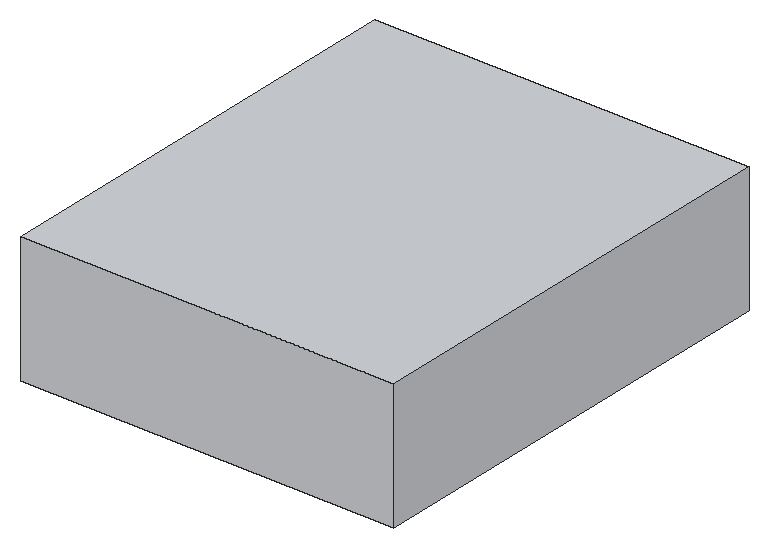
Revit family "34b79a9e734648008a4b3a5bccd6a191", category Electrical Equipment, host Face, Revit 2021
Family settings
  Host = Face
  Round Connector Dimension = Use Diameter
  Part Type = Other Panel
  OmniClass Number = 23.85.30.21.11.14
  OmniClass Title = Alarm Panels
  Seek Item ID = Fire Alarm Control Panel-0000-USA-ENU
  Cut with Voids When Loaded = No
  Shared = No
  Room Calculation Point = No
Parameters (values of type "16x19")
  Width = 1' - 3 25/32"
  Projection = 0' - 1 5/64"
  Height = 1' - 6 43/64"
  Depth = 0' - 4 95/256"
  Default Elevation = 4' - 0"
Reference planes (in)
  plane 1 "Center (Front/Back)": y = 0
  plane 2: z = 0
  plane 3 "Center (Left/Right)": x = 0
  plane 4: x = -7.89062
  plane 5: x = 7.89063
  plane 6: y = -18.67188
  plane 7: z = -4.37109
  plane 8: z = 1.07812
Forms (in)
  Extrusion 1, solid
    sketch origin (0, 0, 0) x (1, 0, 0) y (0, 1, 0)
      loop
        line (-7.89063, 0) -> (-7.89063, -18.67188) -> (7.89062, -18.67188) -> (7.89062, 0) -> (-7.89063, 0)
    from -4.37109 to 1.07812
Dimensions and locks (in)
  equal spacing: plane 4, plane 3 "Center (Left/Right)", plane 5
  "Width": plane 4 to plane 5
  "Depth": host face to plane 7
  "Projection": plane 8 to host face
  "Height": plane 1 "Center (Front/Back)" to plane 6
  aligned and locked: plane 2 to host face
  aligned and locked: level to host face
  aligned and locked: plane 5 to Extrusion 1
  aligned and locked: Extrusion 1 to plane 6
  aligned and locked: Extrusion 1 to plane 4
  aligned and locked: Extrusion 1 to plane 7
  aligned and locked: plane 8 to Extrusion 1
  aligned and locked: Extrusion 1 to plane 1 "Center (Front/Back)"
Automatic sketch dimensions
  Extrusion 1 sketch curve to plane 4 = 0' - 0"
  Extrusion 1 sketch curve to plane 5 = 0' - 0"
  Extrusion 1 sketch curve to plane 6 = 0' - 0"
  plane 6 to Extrusion 1 sketch curve = 1' - 6 43/64"
  host sketch curve to host sketch curve = 6' - 7.79347"
  host sketch curve to host sketch curve = 4' - 0.29739"
Connectors (in)
  electrical at (0, 0, -1.64648)
    settings: on Extrusion 1, index 1, voltage 0 V, apparent load 0 VA, apparent load phase1 0 VA, apparent load phase2 0 VA, apparent load phase3 0 VA, power factor 1, load classification "Other", number of poles 1, system type 11, power factor state 1, is connector primary yes, connector utility no, sub classification motor no, connector description ""
  cabletrayconduit at (0, 0, -1.64648), diameter 24
    settings: on Extrusion 1, index 2, connector width 1' - 0", connector height 1' - 0", connector angle 0.00°, system type 32, placement type 1, profile type 0, connector reference index -1, is primary connector yes, connector utility param no, connector description ""
  cabletrayconduit at (-7.89063, -9.33594, -1.64648), diameter 24
    settings: on Extrusion 1, index 3, connector width 1' - 0", connector height 1' - 0", connector angle 0.00°, system type 32, placement type 1, profile type 0, connector reference index -1, is primary connector no, connector utility param no, connector description ""
  cabletrayconduit at (7.89062, -9.33594, -1.64648), diameter 24
    settings: on Extrusion 1, index 4, connector width 1' - 0", connector height 1' - 0", connector angle 0.00°, system type 32, placement type 1, profile type 0, connector reference index -1, is primary connector no, connector utility param no, connector description ""
  cabletrayconduit at (0, -9.33594, -4.37109), diameter 24
    settings: on Extrusion 1, index 5, connector width 1' - 0", connector height 1' - 0", connector angle 0.00°, system type 32, placement type 1, profile type 0, connector reference index -1, is primary connector no, connector utility param no, connector description ""
  cabletrayconduit at (0, -18.67188, -1.64648), diameter 24
    settings: on Extrusion 1, index 6, connector width 1' - 0", connector height 1' - 0", connector angle 0.00°, system type 32, placement type 1, profile type 0, connector reference index -1, is primary connector no, connector utility param no, connector description ""
